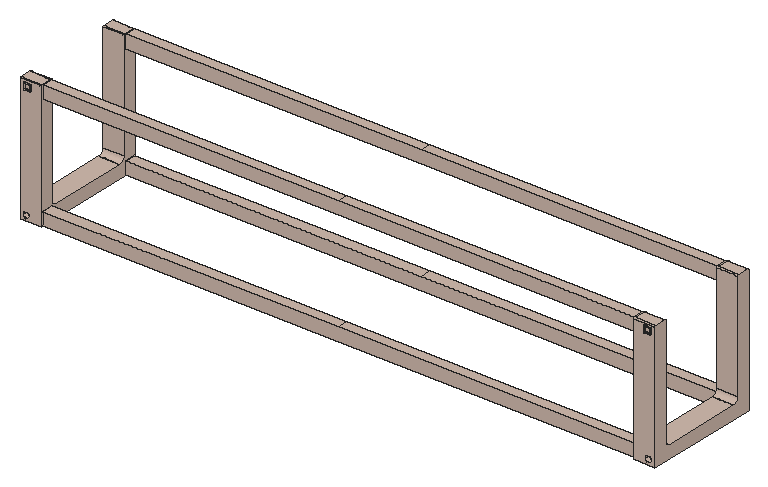
Revit family "Accessory-Towel_Bar-KOHLER-Stages-K-27352T_1", category Specialty Equipment, host Face, Revit 2021
Family settings
  Host = Face
  Round Connector Dimension = Use Diameter
  Part Type = Normal
  OmniClass Number = 23.31.25.25
  OmniClass Title = Towel Bars
  Cut with Voids When Loaded = No
  Shared = No
  Room Calculation Point = No
Parameters (values of type "RGD-Polished Rose Gold")
  Width = 4 93/128"  # constant formula
  WaterSense Certified = 1 = 0  # no
  URL = "http://www.kohler.com.cn/"
  Type = 5
  Product Page URL = "https://www.kohler.com.cn/product/K-27352T-CP/K-27352T-RGD/"
  Product Name = "Stages"  # constant formula
  Product Documentation Link = "https://files.kohler.com.cn/pdfs/1525252490115_1334745-2_A-sms.pdf"
  Model = if(Type = 1, "K-27352T-AF", if(Type = 2, "K-27352T-BL", if(Type = 3, "K-27352T-BN", if(Type = 4, "K-27352T-CP", if(Type = 5, "K-27352T-RGD", "NA")))))  # "K-27352T-RGD"
  Material = "Premium Metal Construction"  # constant formula
  Master Format 2014 Name = "Toilet, Bath, and Laundry Accessories"  # constant formula
  Master Format 2014 = "10 28 00"  # constant formula
  Manufacturer Address = "Kohler Beijing Office (100016) 36-2-03-B, No. 88, Liuxiang Road, Beijing"  # constant formula
  Manufacturer = "Kohler Co."  # constant formula
  Length = 23 159/256"  # constant formula
  Height = 4 85/256"  # constant formula
  Finish = Kohler-Metal-RGD-Polished_Rose_Gold
  Environmental Product Declaration = ""
  Description = "Grid Rack(600mm)"  # constant formula
  Default Elevation = 42"
  Declare Label = ""
  Date Modified = "11/27/2022"  # constant formula
  Date Created = "11/27/2022"  # constant formula
  Copyright = "Copyright Kohler Co."  # constant formula
  Contact Us = "http://www.kohler.com.cn/contact/contact-us/"
  Assembly Code = "C1030200"
  ADA Compliant = 1 = 0  # no
Types (6): name | Type | Product Page URL | Model | Finish
  (no name) | 5 | "https://www.kohler.com.cn/product/K-27352T-CP/K-27352T-RGD/" | "K-27352T-RGD" | Kohler-Metal-RGD-Polished_Rose_Gold
  AF-Vibrant French Gold | 1 | "https://www.kohler.com.cn/product/K-27352T-CP/K-27352T-AF/" | "K-27352T-AF" | Kohler-Metal-AF-Vibrant_French_Gold
  BL-Matte Black | 2 | "https://www.kohler.com.cn/product/K-27352T-CP/K-27352T-BL/" | "K-27352T-BL" | Kohler-Metal-BL-Matte_Black
  BN-Vibrant Brushed Nickel | 3 | "https://www.kohler.com.cn/product/K-27352T-CP/K-27352T-BN/" | "K-27352T-BN" | Kohler-Metal-BN-Vibrant_Brushed_Nickel
  CP-Polished Chrome | 4 | "https://www.kohler.com.cn/product/K-27352T-CP/K-27352T-CP/" | "K-27352T-CP" | Kohler-Metal-CP-Polished_Chrome
  RGD-Polished Rose Gold | 5 | "https://www.kohler.com.cn/product/K-27352T-CP/K-27352T-RGD/" | "K-27352T-RGD" | Kohler-Metal-RGD-Polished_Rose_Gold
Reference planes (in)
  plane 1 "Center (Front/Back)": y = 0
  plane 2: z = 0
  plane 3 "Center (Left/Right)": x = 0
  plane 4: x = -11.81102
  plane 5: x = -11.02362
  plane 6: x = 11.02362
  plane 7: z = 4.72656
  plane 8: z = 4.2518
  plane 9: z = 0.47248
  plane 10: y = -1.69287
  plane 11: y = 1.69291
  plane 12: x = 11.81007
  plane 13: y = 2.16535
  plane 14: y = -2.16668
Dimensions and locks (in)
  "Width": level to plane 7
  plane 4 to plane 5 = 0.7874"
  plane 7 to level = 4 93/128"
  plane 8 to plane 9 = 3.77932"
  plane 9 to plane 7 = 4.25408"
  "Length": plane 4 to plane 12
  "Height": plane 13 to plane 14
  aligned and locked: plane 2 to host face
  aligned and locked: level to host face
  aligned and locked: plane 1 "Center (Front/Back)" to nested 1
  aligned and locked: plane 6 to nested 1
Automatic sketch dimensions
  host sketch curve to host sketch curve = 96"  (x2)
Nested families (in)
  nested 1: "K-27352T" at (0, 0, 0), type "K-27352T"
Definition of nested family "K-27352T"
  Parameters (values of type "K-27352T")
    Material = none
    Default Elevation = 0"
  Reference planes (in)
    plane 1 "Center (Front/Back)": y = 0
    plane 2: z = 0
    plane 3 "Center (Left/Right)": x = 0
    plane 4: x = 11.81102
    plane 5: x = -11.81102
    plane 6: y = 2.16535
    plane 7: y = -2.16535
    plane 8: z = 2.38189
    plane 9: z = 2.38189
    plane 10: z = 2.3622
    plane 11: z = 4.72504
    plane 12: x = -11.02362
    plane 13: x = 11.02362
    plane 14: y = 1.69291
    plane 15: y = -1.69287
    plane 16: z = 0.47248
    plane 17: z = 4.2518
    plane 18: y = -2.3622
    plane 19: y = -1.49601
    plane 20: z = 0.66933
    plane 21: y = 1.49606
    plane 22: y = 2.3622
    plane 23: x = 10.82677
    plane 24: x = 12.00787
    plane 25: x = -12.00787
    plane 26: x = -10.82677
    plane 27: z = 4.92189
    plane 28: z = 4.05495
  Forms (in)
    Extrusion 1, solid, material <- "Material", detail levels medium+fine
      sketch origin (0, 0, 0.01968) x (0, 1, 0) y (0, 0, 1)
        loop
          arc (2.16535, 4.67327) -> (2.15603, 4.69579) -> (2.13352, 4.70511) r 0.03184
          line (2.13352, 4.70511) -> (1.72494, 4.70511)
          arc (1.72494, 4.70511) -> (1.70231, 4.69574) -> (1.69294, 4.6731) r 0.03201
          line (1.69294, 4.6731) -> (1.69294, 0.65253)
          arc (1.69294, 0.65253) -> (1.63444, 0.51129) -> (1.4932, 0.45279) r 0.19973
          line (1.4932, 0.45279) -> (-1.49306, 0.45279)
          arc (-1.49306, 0.45279) -> (-1.63434, 0.51132) -> (-1.69287, 0.6526) r 0.1998
          line (-1.69287, 0.6526) -> (-1.69287, 4.6741)
          arc (-1.69287, 4.6741) -> (-1.70184, 4.69577) -> (-1.72351, 4.70475) r 0.03065
          line (-1.72351, 4.70475) -> (-2.13378, 4.70475)
          arc (-2.13378, 4.70475) -> (-2.15611, 4.6955) -> (-2.16535, 4.67317) r 0.03158
          line (-2.16535, 4.67317) -> (-2.16535, -0.01947) -> (2.16535, -0.01947) -> (2.16535, 4.67327)
      from 11.02362 to 11.81102
    Extrusion 2, solid, material <- "Material", detail levels medium+fine
      sketch origin (0, 0, 0.01968) x (0, 1, 0) y (0, 0, 1)
        loop
          line (-2.16535, 4.67389) -> (-2.16535, -0.01968) -> (2.16535, -0.01968) -> (2.16535, 4.67413)
          arc (2.16535, 4.67413) -> (2.15628, 4.69604) -> (2.13438, 4.70511) r 0.03098
          line (2.13438, 4.70511) -> (1.72504, 4.70511)
          arc (1.72504, 4.70511) -> (1.70234, 4.69571) -> (1.69294, 4.67301) r 0.0321
          line (1.69294, 4.67301) -> (1.69294, 0.65286)
          arc (1.69294, 0.65286) -> (1.63434, 0.51139) -> (1.49287, 0.45279) r 0.20006
          line (1.49287, 0.45279) -> (-1.49263, 0.45279)
          arc (-1.49263, 0.45279) -> (-1.63422, 0.51144) -> (-1.69287, 0.65303) r 0.20024
          line (-1.69287, 0.65303) -> (-1.69287, 4.67434)
          arc (-1.69287, 4.67434) -> (-1.70177, 4.69584) -> (-1.72327, 4.70475) r 0.03041
          line (-1.72327, 4.70475) -> (-2.1345, 4.70475)
          arc (-2.1345, 4.70475) -> (-2.15632, 4.69571) -> (-2.16535, 4.67389) r 0.03085
      from -11.81102 to -11.02362
    Extrusion 3, solid, material <- "Material", detail levels medium+fine
      sketch origin (0, 0, 0.01968) x (1, 0, 0) y (0, 0, 1)
        loop
          line (-11.02362, 4.68512) -> (-11.02362, 4.25396)
          arc (-11.02362, 4.25396) -> (-11.01373, 4.23494) -> (-10.99248, 4.23211) r 0.02324
          line (-10.99248, 4.23211) -> (0, 4.23211) -> (10.99248, 4.23211)
          arc (10.99248, 4.23211) -> (11.01373, 4.23494) -> (11.02362, 4.25396) r 0.02324
          line (11.02362, 4.25396) -> (11.02362, 4.68512)
          arc (11.02362, 4.68512) -> (11.01541, 4.70139) -> (10.99744, 4.70446) r 0.02024
          line (10.99744, 4.70446) -> (0, 4.70446) -> (-10.99744, 4.70446)
          arc (-10.99744, 4.70446) -> (-11.01541, 4.70139) -> (-11.02362, 4.68512) r 0.02024
        loop
          arc (-11.02362, 0.03929) -> (-11.01541, 0.02302) -> (-10.99744, 0.01995) r 0.02024
          line (-10.99744, 0.01995) -> (0, 0.01995) -> (10.99744, 0.01995)
          arc (10.99744, 0.01995) -> (11.01541, 0.02302) -> (11.02362, 0.03929) r 0.02024
          line (11.02362, 0.03929) -> (11.02362, 0.47044)
          arc (11.02362, 0.47044) -> (11.01373, 0.48947) -> (10.99248, 0.4923) r 0.02324
          line (10.99248, 0.4923) -> (0, 0.4923) -> (-10.99248, 0.4923)
          arc (-10.99248, 0.4923) -> (-11.01373, 0.48947) -> (-11.02362, 0.47044) r 0.02324
          line (-11.02362, 0.47044) -> (-11.02362, 0.03929)
      from 1.73228 to 2.12598
    Extrusion 4, solid, material <- "Material", detail levels medium+fine
      sketch origin (0, 0, 0.01968) x (1, 0, 0) y (0, 0, 1)
        loop
          arc (11.02362, 4.68512) -> (11.01541, 4.70139) -> (10.99744, 4.70446) r 0.02024
          line (10.99744, 4.70446) -> (0, 4.70446) -> (-10.99744, 4.70446)
          arc (-10.99744, 4.70446) -> (-11.01541, 4.70139) -> (-11.02362, 4.68512) r 0.02024
          line (-11.02362, 4.68512) -> (-11.02362, 4.25396)
          arc (-11.02362, 4.25396) -> (-11.01373, 4.23494) -> (-10.99248, 4.23211) r 0.02324
          line (-10.99248, 4.23211) -> (0, 4.23211) -> (10.99248, 4.23211)
          arc (10.99248, 4.23211) -> (11.01373, 4.23494) -> (11.02362, 4.25396) r 0.02324
          line (11.02362, 4.25396) -> (11.02362, 4.68512)
        loop
          line (11.02362, 0.03929) -> (11.02362, 0.47044)
          arc (11.02362, 0.47044) -> (11.01373, 0.48947) -> (10.99248, 0.4923) r 0.02324
          line (10.99248, 0.4923) -> (0, 0.4923) -> (-10.99248, 0.4923)
          arc (-10.99248, 0.4923) -> (-11.01373, 0.48947) -> (-11.02362, 0.47044) r 0.02324
          line (-11.02362, 0.47044) -> (-11.02362, 0.03929)
          arc (-11.02362, 0.03929) -> (-11.01541, 0.02302) -> (-10.99744, 0.01995) r 0.02024
          line (-10.99744, 0.01995) -> (0, 0.01995) -> (10.99744, 0.01995)
          arc (10.99744, 0.01995) -> (11.01541, 0.02302) -> (11.02362, 0.03929) r 0.02024
      from -2.12598 to -1.73228
    Extrusion 5, void
      sketch origin (0, 0, 0) x (1, 0, 0) y (0, 0, 1)
        loop
          circle (11.5748, 0.19685) r 0.11811
      from 1.92913 to 2.50051
    Extrusion 6, solid, material <- "Material"
      sketch origin (0, 0, 0) x (1, 0, 0) y (0, 0, 1)
        loop
          arc (11.66236, 4.59524) -> (11.65651, 4.60937) -> (11.64238, 4.61523) r 0.01998
          line (11.64238, 4.61523) -> (11.42879, 4.61523)
          arc (11.42879, 4.61523) -> (11.41442, 4.60927) -> (11.40847, 4.59491) r 0.02032
          line (11.40847, 4.59491) -> (11.40847, 4.38098)
          arc (11.40847, 4.38098) -> (11.41425, 4.36703) -> (11.4282, 4.36125) r 0.01973
          line (11.4282, 4.36125) -> (11.64253, 4.36125)
          arc (11.64253, 4.36125) -> (11.65655, 4.36706) -> (11.66236, 4.38108) r 0.01983
          line (11.66236, 4.38108) -> (11.66236, 4.59524)
        loop
          line (11.4252, 4.59842) -> (11.4252, 4.37779) -> (11.48887, 4.37779)
          arc (11.48887, 4.37779) -> (11.49222, 4.39307) -> (11.50548, 4.40137) r 0.0202
          line (11.50548, 4.40137) -> (11.56573, 4.40137)
          arc (11.56573, 4.40137) -> (11.57885, 4.39291) -> (11.58272, 4.37779) r 0.02136
          line (11.58272, 4.37779) -> (11.64567, 4.37779) -> (11.64567, 4.59842) -> (11.4252, 4.59842)
        loop
          line (-11.66236, 4.59524) -> (-11.66236, 4.38108)
          arc (-11.66236, 4.38108) -> (-11.65655, 4.36706) -> (-11.64253, 4.36125) r 0.01983
          line (-11.64253, 4.36125) -> (-11.4282, 4.36125)
          arc (-11.4282, 4.36125) -> (-11.41425, 4.36703) -> (-11.40847, 4.38098) r 0.01973
          line (-11.40847, 4.38098) -> (-11.40847, 4.59491)
          arc (-11.40847, 4.59491) -> (-11.41442, 4.60927) -> (-11.42879, 4.61523) r 0.02032
          line (-11.42879, 4.61523) -> (-11.64238, 4.61523)
          arc (-11.64238, 4.61523) -> (-11.65651, 4.60937) -> (-11.66236, 4.59524) r 0.01998
        loop
          line (-11.4252, 4.59842) -> (-11.64567, 4.59842) -> (-11.64567, 4.37779) -> (-11.58272, 4.37779)
          arc (-11.58272, 4.37779) -> (-11.57885, 4.39291) -> (-11.56573, 4.40137) r 0.02136
          line (-11.56573, 4.40137) -> (-11.50548, 4.40137)
          arc (-11.50548, 4.40137) -> (-11.49222, 4.39307) -> (-11.48887, 4.37779) r 0.0202
          line (-11.48887, 4.37779) -> (-11.4252, 4.37779) -> (-11.4252, 4.59842)
      from 2.16535 to 2.18754
    Extrusion 7, void
      sketch origin (0, 0, 0) x (0, 1, 0) y (0, 0, 1)
        loop
          line (-1.65354, -0.04959) -> (1.54647, -0.04959)
          arc (1.54647, -0.04959) -> (1.47261, 0.00377) -> (1.47571, 0.09483) r 0.09687
          line (1.47571, 0.09483) -> (1.6158, 0.33746)
          arc (1.6158, 0.33746) -> (1.6158, 0.37499) -> (1.5833, 0.39376) r 0.03753
          line (1.5833, 0.39376) -> (-1.61293, 0.39376)
          arc (-1.61293, 0.39376) -> (-1.64165, 0.38186) -> (-1.65354, 0.35314) r 0.04062
          line (-1.65354, 0.35314) -> (-1.65354, -0.04959)
      from 11.08096 to 11.75369
    Extrusion 8, void
      sketch origin (0, 0, 0) x (0, 1, 0) y (0, 0, -1)
        loop
          line (-1.65354, 0.04959) -> (-1.65354, -0.35314)
          arc (-1.65354, -0.35314) -> (-1.64165, -0.38186) -> (-1.61293, -0.39376) r 0.04062
          line (-1.61293, -0.39376) -> (1.5833, -0.39376)
          arc (1.5833, -0.39376) -> (1.6158, -0.37499) -> (1.6158, -0.33746) r 0.03753
          line (1.6158, -0.33746) -> (1.47571, -0.09483)
          arc (1.47571, -0.09483) -> (1.47261, -0.00377) -> (1.54647, 0.04959) r 0.09687
          line (1.54647, 0.04959) -> (-1.65354, 0.04959)
      from 11.08096 to 11.75369
    Extrusion 9, void
      sketch origin (0, 0, 0) x (-1, 0, 0) y (0, 0, -1)
        loop
          circle (11.5748, -0.19685) r 0.11811
      from 1.92913 to 2.50051
    Extrusion 10, void
      sketch origin (0, 2.152, 0.00022) x (0, 1, 0) y (-1, 0, 0)
        loop
          circle (-0.22286, -11.25984) r 0.09843
      from -0.87744 to 0.07852
    Extrusion 11, void
      sketch origin (0, 2.152, 0.00022) x (0, 1, 0) y (-1, 0, 0)
        loop
          circle (-0.22286, 11.25984) r 0.09843
      from -0.87744 to 0.07852
    Extrusion 12, void
      sketch origin (0, -2.152, 0.00022) x (0, -1, 0) y (1, 0, 0)
        loop
          circle (-0.22286, 11.25984) r 0.09843
      from -0.87744 to 0.07852
    Extrusion 13, void
      sketch origin (0, -2.152, 0.00022) x (0, -1, 0) y (1, 0, 0)
        loop
          circle (-0.22286, -11.25984) r 0.09843
      from -0.87744 to 0.07852
    Extrusion 14, void
      sketch origin (0, 2.152, 0.00022) x (-1, 0, 0) y (0, 1, 0)
        loop
          line (-11.22047, -0.20013) -> (-11.25984, -0.1774) -> (-11.29921, -0.20013) -> (-11.29921, -0.24559) -> (-11.25984, -0.26832) -> (-11.22047, -0.24559) -> (-11.22047, -0.20013)
      from -0.28719 to 2.1086
    Extrusion 15, void
      sketch origin (0, 2.152, 0.00022) x (-1, 0, 0) y (0, 1, 0)
        loop
          line (11.22047, -0.20013) -> (11.22047, -0.24559) -> (11.25984, -0.26832) -> (11.29921, -0.24559) -> (11.29921, -0.20013) -> (11.25984, -0.1774) -> (11.22047, -0.20013)
      from -0.28719 to 2.1086
    Extrusion 16, void
      sketch origin (0, -2.152, 0.00022) x (1, 0, 0) y (0, -1, 0)
        loop
          line (11.22047, -0.20013) -> (11.22047, -0.24559) -> (11.25984, -0.26832) -> (11.29921, -0.24559) -> (11.29921, -0.20013) -> (11.25984, -0.1774) -> (11.22047, -0.20013)
      from -0.28719 to 2.1086
    Extrusion 17, void
      sketch origin (0, -2.152, 0.00022) x (1, 0, 0) y (0, -1, 0)
        loop
          line (-11.22047, -0.20013) -> (-11.25984, -0.1774) -> (-11.29921, -0.20013) -> (-11.29921, -0.24559) -> (-11.25984, -0.26832) -> (-11.22047, -0.24559) -> (-11.22047, -0.20013)
      from -0.28719 to 2.1086
    Extrusion 18, solid, material <- "Material"
      sketch origin (0, 0, 0) x (1, 0, 0) y (0, 0, 1)
        loop
          line (11.54639, 0.24606) -> (11.51798, 0.19685) -> (11.54639, 0.14764) -> (11.60322, 0.14764) -> (11.63163, 0.19685) -> (11.60322, 0.24606) -> (11.54639, 0.24606)
      from 1.41732 to 2.04724
    Extrusion 19, solid, material <- "Material"
      sketch origin (0, 0, 0) x (-1, 0, 0) y (0, 0, -1)
        loop
          line (11.54639, -0.24606) -> (11.60322, -0.24606) -> (11.63163, -0.19685) -> (11.60322, -0.14764) -> (11.54639, -0.14764) -> (11.51798, -0.19685) -> (11.54639, -0.24606)
      from 1.41732 to 2.04724
    Extrusion 20, solid, material <- "Material", detail levels coarse
      sketch origin (0, 0, 0) x (0, 1, 0) y (0, 0, 1)
        loop
          line (-2.3622, 0) -> (2.3622, 0) -> (2.3622, 4.84315)
          arc (2.3622, 4.84315) -> (2.33914, 4.89883) -> (2.28346, 4.92189) r 0.07874
          line (2.28346, 4.92189) -> (1.5748, 4.92189)
          arc (1.5748, 4.92189) -> (1.51913, 4.89883) -> (1.49606, 4.84315) r 0.07874
          line (1.49606, 4.84315) -> (1.49606, 0.82681)
          arc (1.49606, 0.82681) -> (1.44994, 0.71545) -> (1.33858, 0.66933) r 0.15748
          line (1.33858, 0.66933) -> (-1.33853, 0.66933)
          arc (-1.33853, 0.66933) -> (-1.44989, 0.71545) -> (-1.49601, 0.82681) r 0.15748
          line (-1.49601, 0.82681) -> (-1.49601, 4.84315)
          arc (-1.49601, 4.84315) -> (-1.51908, 4.89883) -> (-1.57476, 4.92189) r 0.07874
          line (-1.57476, 4.92189) -> (-2.28346, 4.92189)
          arc (-2.28346, 4.92189) -> (-2.33914, 4.89883) -> (-2.3622, 4.84315) r 0.07874
          line (-2.3622, 4.84315) -> (-2.3622, 0)
      from 10.82677 to 12.00787
    Extrusion 21, solid, material <- "Material", detail levels coarse
      sketch origin (0, 0, 0) x (0, 1, 0) y (0, 0, -1)
        loop
          line (-2.3622, 0) -> (-2.3622, -4.84315)
          arc (-2.3622, -4.84315) -> (-2.33914, -4.89883) -> (-2.28346, -4.92189) r 0.07874
          line (-2.28346, -4.92189) -> (-1.57476, -4.92189)
          arc (-1.57476, -4.92189) -> (-1.51908, -4.89883) -> (-1.49601, -4.84315) r 0.07874
          line (-1.49601, -4.84315) -> (-1.49601, -0.82681)
          arc (-1.49601, -0.82681) -> (-1.44989, -0.71545) -> (-1.33853, -0.66933) r 0.15748
          line (-1.33853, -0.66933) -> (1.33858, -0.66933)
          arc (1.33858, -0.66933) -> (1.44994, -0.71545) -> (1.49606, -0.82681) r 0.15748
          line (1.49606, -0.82681) -> (1.49606, -4.84315)
          arc (1.49606, -4.84315) -> (1.51913, -4.89883) -> (1.5748, -4.92189) r 0.07874
          line (1.5748, -4.92189) -> (2.28346, -4.92189)
          arc (2.28346, -4.92189) -> (2.33914, -4.89883) -> (2.3622, -4.84315) r 0.07874
          line (2.3622, -4.84315) -> (2.3622, 0) -> (-2.3622, 0)
      from 10.82677 to 12.00787
    Extrusion 22, solid, material <- "Material", detail levels coarse
      sketch origin (0, 0, 0) x (0, 1, 0) y (0, 0, 1)
        loop
          arc (-2.28346, 4.92189) -> (-2.33914, 4.89883) -> (-2.3622, 4.84315) r 0.07874
          line (-2.3622, 4.84315) -> (-2.3622, 4.05495) -> (-1.49601, 4.05495) -> (-1.49601, 4.84315)
          arc (-1.49601, 4.84315) -> (-1.51908, 4.89883) -> (-1.57476, 4.92189) r 0.07874
          line (-1.57476, 4.92189) -> (-2.28346, 4.92189)
        loop
          line (2.28346, 4.92189) -> (1.57476, 4.92189)
          arc (1.57476, 4.92189) -> (1.51908, 4.89883) -> (1.49601, 4.84315) r 0.07874
          line (1.49601, 4.84315) -> (1.49601, 4.05495) -> (2.3622, 4.05495) -> (2.3622, 4.84315)
          arc (2.3622, 4.84315) -> (2.33914, 4.89883) -> (2.28346, 4.92189) r 0.07874
      from -10.82677 to 10.82677
    Extrusion 23, solid, material <- "Material", detail levels coarse
      sketch origin (0, 0, 0) x (0, 1, 0) y (0, 0, 1)
        loop
          line (-1.50057, 0) -> (-1.50057, 0.66933) -> (-2.3622, 0.66933) -> (-2.3622, 0) -> (-1.50057, 0)
        loop
          line (1.50057, 0) -> (2.3622, 0) -> (2.3622, 0.66933) -> (1.50057, 0.66933) -> (1.50057, 0)
      from -10.82677 to 10.82677
  Cuts and joins
    Extrusion 5, Extrusion 7, Extrusion 8, Extrusion 9, Extrusion 10, Extrusion 11, Extrusion 12, Extrusion 13, Extrusion 14, Extrusion 15, Extrusion 16, Extrusion 17 cuts Extrusion 1
    Extrusion 8, Extrusion 9, Extrusion 10, Extrusion 11, Extrusion 12, Extrusion 13, Extrusion 15, Extrusion 16, Extrusion 17 cuts Extrusion 2
    Extrusion 8, Extrusion 9, Extrusion 10, Extrusion 11, Extrusion 12, Extrusion 13, Extrusion 15, Extrusion 16, Extrusion 17 cuts Extrusion 3
    Extrusion 8, Extrusion 9, Extrusion 10, Extrusion 11, Extrusion 12, Extrusion 13, Extrusion 15, Extrusion 16, Extrusion 17 cuts Extrusion 4
    joined: Extrusion 1, Extrusion 2, Extrusion 3, Extrusion 4
  Lines and regions (in)
    Masking region 1
      outline origin (0, 0, 0) x (1, 0, 0) y (0, 1, 0)
        loop
          line (-11.81102, 2.16535) -> (-11.81102, -2.16535) -> (11.81102, -2.16535) -> (11.81102, 2.16535) -> (-11.81102, 2.16535)
        loop
          line (-11.02362, 1.69291) -> (-11.02362, -1.69287) -> (11.02362, -1.69287) -> (11.02362, 1.69291) -> (-11.02362, 1.69291)
    Masking region 2
      outline origin (0, 0, 0) x (0, 1, 0) y (0, 0, 1)
        loop
          arc (2.16535, 4.69371) -> (2.15618, 4.71586) -> (2.13403, 4.72504) r 0.03133
          line (2.13403, 4.72504) -> (1.72441, 4.72504)
          arc (1.72441, 4.72504) -> (1.70214, 4.71581) -> (1.69291, 4.69354) r 0.0315
          line (1.69291, 4.69354) -> (1.69291, 0.66933)
          arc (1.69291, 0.66933) -> (1.63526, 0.53014) -> (1.49606, 0.47248) r 0.19685
          line (1.49606, 0.47248) -> (-1.49601, 0.47248)
          arc (-1.49601, 0.47248) -> (-1.63521, 0.53014) -> (-1.69287, 0.66933) r 0.19685
          line (-1.69287, 0.66933) -> (-1.69287, 4.69354)
          arc (-1.69287, 4.69354) -> (-1.70209, 4.71581) -> (-1.72436, 4.72504) r 0.0315
          line (-1.72436, 4.72504) -> (-2.13386, 4.72504)
          arc (-2.13386, 4.72504) -> (-2.15613, 4.71581) -> (-2.16535, 4.69354) r 0.0315
          line (-2.16535, 4.69354) -> (-2.16535, 0) -> (2.16535, 0) -> (2.16535, 4.69371)
    Masking region 3
      outline origin (0, 0, 0) x (1, 0, 0) y (0, 0, 1)
        loop
          line (-11.81102, 4.72504) -> (-11.81102, 0) -> (11.81102, 0) -> (11.81102, 4.72504) -> (-11.81102, 4.72504)
        loop
          line (-11.02362, 4.2518) -> (-11.02362, 0.47248) -> (11.02362, 0.47248) -> (11.02362, 4.2518) -> (-11.02362, 4.2518)
    symbolic lines, detail levels medium+fine
      curve 1: arc (11.05521, 0, 0.04577) -> (11.05792, 0, 0.04118) -> (11.06294, 0, 0.03937) r 0.00787
      curve 2: line (-11.02362, 1.69291, 0) -> (-11.81102, 1.69291, 0)
      curve 3: line (-11.02362, 2.12598, 0) -> (-11.02362, 1.69291, 0)
      curve 4: line (-11.02362, -1.69287, 0) -> (-11.81102, -1.69287, 0)
      curve 5: line (-11.02362, -2.16535, 0) -> (-11.02362, -1.69287, 0)
      curve 6: line (11.02362, 1.69291, 0) -> (11.81102, 1.69291, 0)
      curve 7: line (11.02362, 2.12598, 0) -> (11.02362, 1.69291, 0)
      curve 8: line (-11.74803, 2.13386, 0) -> (-11.05512, 2.13386, 0)
      curve 9: line (-11.74803, 2.13386, 0) -> (-11.74803, 1.72441, 0)
      curve 10: line (-11.74803, 1.72441, 0) -> (-11.05512, 1.72441, 0)
      curve 11: line (-11.05512, 2.13386, 0) -> (-11.05512, 1.72441, 0)
      curve 12: line (11.02362, -1.69287, 0) -> (11.81102, -1.69287, 0)
      curve 13: line (11.02362, -2.16535, 0) -> (11.02362, -1.69287, 0)
      curve 14: line (-11.74803, -2.13386, 0) -> (-11.05512, -2.13386, 0)
      curve 15: line (-11.74803, -2.13386, 0) -> (-11.74803, -1.72441, 0)
      curve 16: line (-11.74803, -1.72441, 0) -> (-11.05512, -1.72441, 0)
      curve 17: line (-11.05512, -2.13386, 0) -> (-11.05512, -1.72441, 0)
      curve 18: line (11.74803, 2.13386, 0) -> (11.05512, 2.13386, 0)
      curve 19: line (11.74803, 2.13386, 0) -> (11.74803, 1.72441, 0)
      curve 20: line (11.74803, 1.72441, 0) -> (11.05512, 1.72441, 0)
      curve 21: line (11.05512, 2.13386, 0) -> (11.05512, 1.72441, 0)
      curve 22: line (11.74803, -2.13386, 0) -> (11.05512, -2.13386, 0)
      curve 23: line (11.74803, -2.13386, 0) -> (11.74803, -1.72441, 0)
      curve 24: line (11.74803, -1.72441, 0) -> (11.05512, -1.72441, 0)
      curve 25: line (11.05512, -2.13386, 0) -> (11.05512, -1.72441, 0)
      curve 26: line (-11.02362, 2.12598, 0) -> (11.02362, 2.12598, 0)
      curve 27: line (-11.02362, 1.73228, 0) -> (11.02362, 1.73228, 0)
      curve 28: line (-11.02362, 2.12598, 0) -> (-11.02362, 1.73228, 0)
      curve 29: line (11.02362, 2.12598, 0) -> (11.02362, 1.73228, 0)
      curve 30: line (-11.78004, 1.64753, 0) -> (-11.78004, -1.64753, 0)
      curve 31: line (-11.78004, 1.64753, 0) -> (-11.05535, 1.64753, 0)
      curve 32: line (-11.05535, 1.64753, 0) -> (-11.05535, -1.64753, 0)
      curve 33: line (-11.78004, -1.64753, 0) -> (-11.05535, -1.64753, 0)
      curve 34: line (11.78004, 1.64753, 0) -> (11.78004, -1.64753, 0)
      curve 35: line (11.78004, 1.64753, 0) -> (11.05535, 1.64753, 0)
      curve 36: line (11.05535, 1.64753, 0) -> (11.05535, -1.64753, 0)
      curve 37: line (11.78004, -1.64753, 0) -> (11.05535, -1.64753, 0)
      curve 38: line (0, 2.12598, 4.72504) -> (0, 2.12598, 0)
      curve 39: line (0, 1.73228, 4.72504) -> (0, 1.73228, 0.67263)
      curve 40: line (0, 1.50057, 0.44091) -> (0, 0.01009, 0.44091)
      curve 41: line (0, -2.12598, 4.72504) -> (0, -2.12598, 0)
      curve 42: line (0, -1.73228, 4.72504) -> (0, -1.73228, 0.6728)
      curve 43: line (0, -1.50039, 0.44091) -> (0, 0.01009, 0.44091)
      curve 44: arc (0, 1.73228, 0.67263) -> (0, 1.66442, 0.50878) -> (0, 1.50057, 0.44091) r 0.23171
      curve 45: arc (0, -1.73228, 0.6728) -> (0, -1.66436, 0.50883) -> (0, -1.50039, 0.44091) r 0.23189
      curve 46: line (0, 2.12598, 4.66142) -> (0, 1.73228, 4.66142)
      curve 47: line (0, -2.12598, 4.66142) -> (0, -1.73228, 4.66142)
      curve 48: line (-11.02362, 0, 4.72504) -> (-11.02362, 0, 4.2518)
      curve 49: line (-11.02362, 0, 0) -> (-11.02362, 0, 0.47248)
      curve 50: line (11.02362, 0, 4.72504) -> (11.02362, 0, 4.2518)
      curve 51: line (11.02362, 0, 0) -> (11.02362, 0, 0.51198)
      curve 52: line (-11.77967, 0, 4.66192) -> (-11.77967, 0, 0)
      curve 53: line (-11.74833, 0, 4.69326) -> (-11.0867, 0, 4.69326)
      curve 54: line (-11.05521, 0, 4.66176) -> (-11.05521, 0, 0)
      curve 55: line (11.77967, 0, 4.66176) -> (11.77967, 0, 0)
      curve 56: line (11.74818, 0, 4.69326) -> (11.0867, 0, 4.69326)
      curve 57: line (11.05521, 0, 4.66176) -> (11.05521, 0, 0)
      curve 58: line (-11.02362, 0, 4.68504) -> (11.02362, 0, 4.68504)
      curve 59: line (-11.02362, 0, 4.68504) -> (-11.02362, 0, 4.29134)
      curve 60: line (11.02362, 0, 4.68504) -> (11.02362, 0, 4.29134)
      curve 61: line (-11.02362, 0, 4.29134) -> (11.02362, 0, 4.29134)
      curve 62: arc (-11.77967, 0, 4.66192) -> (-11.77049, 0, 4.68408) -> (-11.74833, 0, 4.69326) r 0.03134
      curve 63: arc (-11.0867, 0, 4.69326) -> (-11.06443, 0, 4.68404) -> (-11.05521, 0, 4.66176) r 0.0315
      curve 64: arc (11.0867, 0, 4.69326) -> (11.06443, 0, 4.68404) -> (11.05521, 0, 4.66176) r 0.0315
      curve 65: arc (11.77967, 0, 4.66176) -> (11.77045, 0, 4.68404) -> (11.74818, 0, 4.69326) r 0.0315
      curve 66: line (-11.02362, 1.69291, 0) -> (11.02362, 1.69291, 0)
      curve 67: line (11.02362, 1.69291, 0) -> (11.02362, -1.69287, 0)
      curve 68: line (-11.02362, 1.69291, 0) -> (-11.02362, -1.69287, 0)
      curve 69: line (-11.02362, -1.69287, 0) -> (11.02362, -1.69287, 0)
      curve 70: line (-11.02362, -2.12598, 0) -> (11.02362, -2.12598, 0)
      curve 71: line (-11.02362, -1.73228, 0) -> (11.02362, -1.73228, 0)
      curve 72: line (-11.02362, -2.12598, 0) -> (-11.02362, -1.73228, 0)
      curve 73: line (11.02362, -2.12598, 0) -> (11.02362, -1.73228, 0)
      curve 74: line (-11.02362, 0, 0.03937) -> (11.02362, 0, 0.03937)
      curve 75: line (-11.02362, 0, 0.03937) -> (-11.02362, 0, 0.43307)
      curve 76: line (11.02362, 0, 0.03937) -> (11.02362, 0, 0.43307)
      curve 77: line (-11.02362, 0, 0.43307) -> (11.02362, 0, 0.43307)
      curve 78: line (-11.02362, 0, 4.2518) -> (-11.02362, 0, 0.47248)
      curve 79: line (-11.02362, 0, 0.47248) -> (11.02362, 0, 0.47248)
      curve 80: line (11.02362, 0, 0.47248) -> (11.02362, 0, 4.2518)
      curve 81: line (11.02362, 0, 4.2518) -> (-11.02362, 0, 4.2518)
  Dimensions and locks (in)
    plane 14 to plane 15 = 3.38578"
    plane 11 to plane 16 = 4.25256"
    plane 6 to plane 7 = 4.33071"
    plane 5 to plane 4 = 23.62205"
    plane 5 to plane 12 = 0.7874"
    plane 14 to plane 6 = 0.47244"
    plane 11 to level = 4.72504"
    aligned and locked: plane 2 to level
